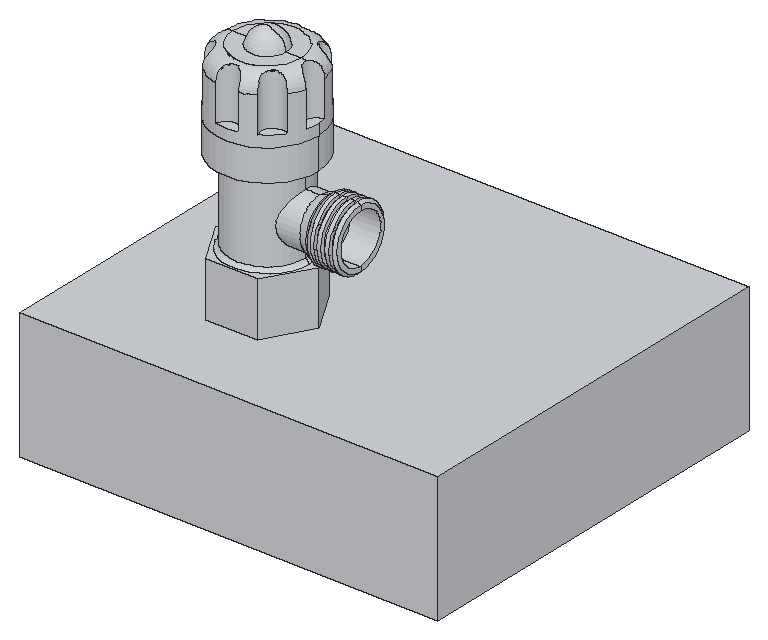
Revit family "01-9915-11 LLAVE LAVADORA METAL CROMO", category Aparatos sanitarios, Revit 2018
Family settings
  Anfitrión = Cara
  Cota de conector redondo = Diámetro de uso
  Tipo de pieza = Normal
  Número OmniClass = 23.31.11.00
  Corte con vacíos al cargar = No
  Compartido = No
  Punto de cálculo de habitación = No
Parameters (values of type "01-9915-11")
  Waste Water Outlet = ""
  Rosca NH 3/4" = "3/4\""
  Rosca NPT 1/2" = "1/2\""
  Link Ficha Tecnica = "http://infotecnica.gricol.com/FT_01991511_01991613.pdf"
  Conexión de residuos = 1 = 0  # no
  Conexión de ventilación = 1 = 0  # no
  URL = "https://www.gricol.com/"
  Imagen de tipo = LLAVE LAVADORA METAL CROMO.jpg
  Product Name = "LLAVE LAVADORA METAL CROMO"  # constant formula
  Plastico ABS Cromado = Plastico - ABS Cromado
  Model = "01-9915-11\r"  # constant formula
  Fabricante = "Gricol"  # constant formula
  Conexión AC = 1 = 1  # yes
  Descripción = "Llave"  # constant formula
  Default Elevation = 0.0 mm
  Date Modified = ""
  Date Created = "05/28/2020"  # constant formula
  Copyright = "All rights reserved © Gricol - 2020."  # constant formula
  Metal  Laton cromado = Metal Laton Cromado
  CW Connection = 1 = 1  # yes
  Assembly Code = ""
  Dim Manija = 30.4 mm
  Alto = 70.0 mm
Reference planes
  plane 1 "Center (Front/Back)": y = 0
  plane 2: z = 0
  plane 3 "Center (Left/Right)": x = 0
  plane 4: x = -15.2
  plane 5: x = 15.2
  plane 6: z = 28.2
  plane 7: z = 70
  plane 8: z = 13.4
Forms (mm)
  Extrusion 1, solid
    sketch origin (0, 0, 0) x (1, 0, 0) y (0, 1, 0)
      loop
        line (-43.115, 77.221) -> (-43.115, -37.685) -> (80.834, -37.685) -> (80.834, 77.221) -> (-43.115, 77.221)
    from 0 to -38.036
Text (mm)
  text "Rosca NH 3/4\"" at (38.113, 0, 25.544), in view "Front"
  text "Rosca NPT 1/2\"" at (23.929, 0, 79.453), in view "Front"
Dimensions and locks
  "Dim Manija": plane 4 to plane 5
  plane 4 to plane 3 "Center (Left/Right)" = 15.2 mm
  plane 6 to level = 28.2 mm
  "Alto": plane 7 to level
  plane 4 to plane 5 = 30.4 mm
  plane 3 "Center (Left/Right)" to plane 5 = 15.2 mm
  level to plane 8 = 13.4 mm
  level to plane 6 = 28.2 mm
  aligned and locked: plane 2 to Extrusion 1
  aligned and locked: level to Extrusion 1
Automatic sketch dimensions
  Extrusion 1 sketch curve to Extrusion 1 sketch curve = 123.949 mm
  Extrusion 1 sketch curve to Extrusion 1 sketch curve = 114.905 mm
Nested families
  nested 1: "LLAVE LAVADORA METAL CROMO" at (0, 0, 0), type "LLAVE LAVADORA METAL CROMO"
Definition of nested family "LLAVE LAVADORA METAL CROMO"
  Parameters (values of type "LLAVE LAVADORA METAL CROMO")
    Weight Net (Kg) = "6.60Kg"
    Waste Connection = no
    Vent Connection = no
    Type Comments = ""
    Nominal width = "370"
    Nominal height = "130"
    Model = ""
    Manufacturer = ""
    Keynote = ""
    HW Connection = no
    Cost = 0
    CW Connection = no
  Reference planes
    plane 1 "Center (Front/Back)": y = 0
    plane 2: z = 0
    plane 3 "Center (Left/Right)": x = 0
    plane 4: z = 70
    plane 5: z = 28.2
    plane 6: x = 15.2
    plane 7: z = 13.4
    plane 8: x = -15.2
  Forms (mm)
    Revolve 1, solid
      sketch origin (87.356, -0.057, 28.649) x (0, 0, 1) y (-1, 0, 0)
        loop
          line (-9.105, 60.46) -> (-9.974, 60.46) -> (-9.192, 59.678) -> (-7.841, 59.678) -> (-7.841, 68.371) -> (-9.105, 68.371) -> (-9.974, 67.728) -> (-9.105, 67.728) -> (-9.105, 66.941) -> (-9.974, 66.941) -> (-9.974, 65.854) -> (-9.105, 65.854) -> (-9.105, 64.911) -> (-9.974, 64.911) -> (-9.974, 63.746) -> (-9.105, 63.746) -> (-9.105, 62.568) -> (-9.974, 62.568) -> (-9.974, 61.404) -> (-9.105, 61.404) -> (-9.105, 60.46)
        axis (-0.449, 68.371) -> (-0.449, 59.678)
      angle from 0 to 360
    Revolve 2, solid
      sketch origin (-76.362, 0.05, 166.633) x (1, 0, 0) y (0, 0, 1)
        loop
          line (64.994, -124.915) -> (64.994, -149.287)
          arc (64.994, -149.287) -> (64.499, -149.956) -> (63.831, -150.45) r 2.805
          line (63.831, -150.45) -> (66.234, -150.45) -> (66.234, -124.915) -> (76.362, -124.915) -> (76.362, -115.528) -> (61.154, -115.528) -> (61.154, -124.915) -> (64.994, -124.915)
        axis (76.362, -115.528) -> (76.362, -150.45)
      angle from 0 to 360
    Revolve 3, solid
      sketch origin (-24.494, 0, 28.058) x (0, 0, -1) y (1, 0, 0)
        loop
          line (-5.759, 42.982) -> (-8.744, 42.982) -> (-7.6, 40.12) -> (-7.6, 31.536) -> (-5.759, 31.536) -> (-5.759, 42.982)
        axis (0, 31.536) -> (0, 42.982)
      angle from 0 to 360
    Revolve 4, solid
      sketch origin (-15.578, 0.158, -17.419) x (0, 0, -1) y (1, 0, 0)
        loop
          line (-33.524, 7.418) -> (-17.404, 7.418) -> (-17.404, 9.176) -> (-18.513, 9.176) -> (-18.513, 8.263) -> (-19.635, 8.263) -> (-19.635, 9.176) -> (-20.51, 9.176) -> (-20.51, 8.263) -> (-21.866, 8.263) -> (-21.866, 9.176) -> (-22.741, 9.176) -> (-22.741, 8.263) -> (-24.019, 8.263) -> (-24.019, 9.176) -> (-24.894, 9.176) -> (-24.894, 8.263) -> (-26.016, 8.263) -> (-26.016, 9.176) -> (-26.891, 9.176) -> (-26.891, 8.263) -> (-28.091, 8.263) -> (-28.091, 9.176) -> (-28.966, 9.176) -> (-28.966, 8.263) -> (-30.087, 8.263) -> (-30.087, 9.176) -> (-30.962, 9.176) -> (-30.962, 8.263) -> (-32.084, 8.263) -> (-32.084, 9.176) -> (-33.524, 9.176) -> (-33.524, 8.263) -> (-33.524, 7.418)
        axis (-17.404, 15.578) -> (-33.524, 15.578)
      angle from 0 to 360
    Extrusion 5, solid
      sketch origin (61.406, -2.217, 0) x (1, 0, 0) y (0, 1, 0)
        loop
          arc (-69.023, 15.438) -> (-72.582, 8.664) -> (-76.703, 2.217) r 90
          arc (-76.703, 2.217) -> (-72.582, -4.23) -> (-69.023, -11.004) r 90
          arc (-69.023, -11.004) -> (-61.406, -10.681) -> (-53.789, -11.004) r 90
          arc (-53.789, -11.004) -> (-50.23, -4.23) -> (-46.108, 2.217) r 90
          arc (-46.108, 2.217) -> (-50.23, 8.664) -> (-53.789, 15.438) r 90
          arc (-53.789, 15.438) -> (-61.406, 15.115) -> (-69.023, 15.438) r 90
        loop
          circle (-61.406, 2.217) r 11.419
      from 16.104 to 0
    Revolve 6, solid
      sketch origin (0, 0, 0) x (1, 0, 0) y (0, 0, 1)
        loop
          line (0, 51.105) -> (15.2, 51.105) -> (15.2, 65.011)
          arc (15.2, 65.011) -> (13.736, 68.546) -> (10.2, 70.011) r 5
          line (10.2, 70.011) -> (5.58, 70.011)
          arc (5.58, 70.011) -> (3.63, 73.495) -> (0, 75.159) r 6.434
          line (0, 75.159) -> (0, 51.105)
        axis (0, 51.105) -> (0, 75.159)
      angle from 0 to 360
    Extrusion 7, void
      sketch origin (0, 0, 0) x (1, 0, 0) y (0, 1, 0)
        loop
          circle (0, -15.2) r 3.463
      from 54.39 to 73.417
    Extrusion 8, void
      sketch origin (0, 0, 0) x (0.72508, 0.688665, 0) y (-0.688665, 0.72508, 0)
        loop
          circle (0, -15.2) r 3.463
      from 54.39 to 74.769
    Extrusion 9, void
      sketch origin (0, 0, 0) x (0.051482, 0.998674, 0) y (-0.998674, 0.051482, 0)
        loop
          circle (0, -15.2) r 3.463
      from 54.39 to 73.417
    Extrusion 10, void
      sketch origin (0, 0, 0) x (-0.650422, 0.759573, 0) y (-0.759573, -0.650422, 0)
        loop
          circle (0, -15.2) r 3.463
      from 54.39 to 73.417
    Extrusion 11, void
      sketch origin (0, 0, 0) x (-0.994699, 0.102828, 0) y (-0.102828, -0.994699, 0)
        loop
          circle (0, -15.2) r 3.463
      from 54.39 to 73.417
    Extrusion 12, void
      sketch origin (0, 0, 0) x (-0.792051, -0.610455, 0) y (0.610455, -0.792051, 0)
        loop
          circle (0, -15.2) r 3.463
      from 54.39 to 73.417
    Extrusion 13, void
      sketch origin (0, 0, 0) x (-0.153901, -0.988086, 0) y (0.988086, -0.153901, 0)
        loop
          circle (0, -15.2) r 3.463
      from 54.39 to 73.417
    Extrusion 14, void
      sketch origin (0, 0, 0) x (0.568869, -0.822428, 0) y (0.822428, 0.568869, 0)
        loop
          circle (0, -15.2) r 3.463
      from 54.39 to 73.417
    Extrusion 15, void, not visible
      sketch origin (0, 0, 0) x (1, 0, 0) y (0, 1, 0)
        loop
          circle (0, -15.2) r 3.463
      from 54.39 to 73.417
    Extrusion 16, void, not visible
      sketch origin (0, 0, 0) x (0.72508, 0.688665, 0) y (-0.688665, 0.72508, 0)
        loop
          circle (0, -15.2) r 3.463
      from 54.39 to 74.769
    Extrusion 17, void, not visible
      sketch origin (0, 0, 0) x (0.051482, 0.998674, 0) y (-0.998674, 0.051482, 0)
        loop
          circle (0, -15.2) r 3.463
      from 54.39 to 73.417
    Extrusion 18, void, not visible
      sketch origin (0, 0, 0) x (-0.650422, 0.759573, 0) y (-0.759573, -0.650422, 0)
        loop
          circle (0, -15.2) r 3.463
      from 54.39 to 73.417
    Extrusion 19, void, not visible
      sketch origin (0, 0, 0) x (-0.994699, 0.102828, 0) y (-0.102828, -0.994699, 0)
        loop
          circle (0, -15.2) r 3.463
      from 54.39 to 73.417
    Extrusion 20, void, not visible
      sketch origin (0, 0, 0) x (-0.792051, -0.610455, 0) y (0.610455, -0.792051, 0)
        loop
          circle (0, -15.2) r 3.463
      from 54.39 to 73.417
    Extrusion 21, void, not visible
      sketch origin (0, 0, 0) x (-0.153901, -0.988086, 0) y (0.988086, -0.153901, 0)
        loop
          circle (0, -15.2) r 3.463
      from 54.39 to 73.417
    Extrusion 22, void, not visible
      sketch origin (0, 0, 0) x (0.568869, -0.822428, 0) y (0.822428, 0.568869, 0)
        loop
          circle (0, -15.2) r 3.463
      from 54.39 to 73.417
  Cuts and joins
    Extrusion 11 cuts Revolve 2
    joined: Revolve 2, Revolve 3
    Extrusion 7, Extrusion 8, Extrusion 9, Extrusion 10, Extrusion 11, Extrusion 12, Extrusion 13, Extrusion 14 cuts Revolve 6
  Dimensions and locks
    level to plane 4 = 70.0 mm
    locked: plane 4 to level at 70
    Revolve 1 sketch curve to Revolve 1 sketch curve = 2.132 mm
    locked: plane 8 to plane 6 at 30.4
    plane 8 to plane 3 "Center (Left/Right)" = 15.2 mm
    locked: plane 5 to level at 28.2
    locked: plane 7 to level at 13.4
    aligned and locked: level to plane 2
